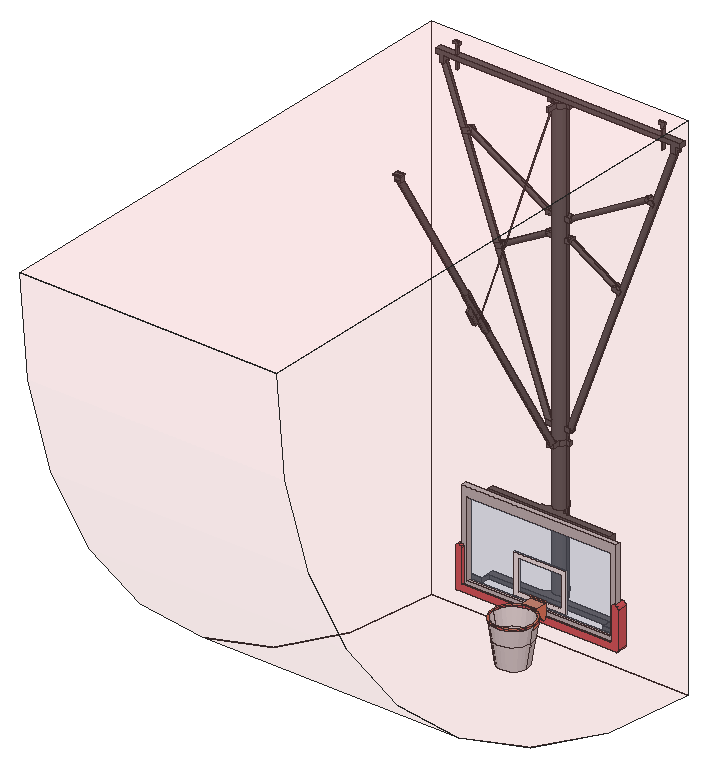
Revit family "Basketball_Backstop-Ceiling_Mount-Forward_Fold-IPIbyBison-IP1360FF-Xtra_Height", category Specialty Equipment, Revit 2026
Family settings
  Round Connector Dimension = Use Diameter
  Part Type = Normal
  Classification Number = 23.40.50.34.14
  Enable Cutting in Views = No
  Always vertical = Yes
  Cut with Voids When Loaded = No
  Maintain Annotation Orientation = No
  Shared = No
  Room Calculation Point = No
Parameters (values of type "Front Fold Front Braced")
  Unit Weight [instance] = 0
  URL = "https://ipibybison.com/"
  Swing Clearance Visible [instance] = yes
  Specification = "https://www.arcat.com/company/ipi-by-bison-38554/spec"
  Set Frame Below Truss Level [instance] = -0' - 1"
  Rim Color [instance] = Plastic - IPI by Bison - Orange OR
  Product Page URL = "https://www.arcat.com/arcatcos/cos38/arc38554.html"
  Net Color [instance] = Finish - IPI by Bison - White Netting
  Model = "IP1360FF"
  Manufacturer = "IPI by Bison"
  Keynote = "11 66 00"
  Glass [instance] = Glass - IPI by Bison
  Frame Finish [instance] = Finish - IPI by Bison - Black
  Folding Clearance [instance] = ARCAT Clearance
  F_Length of Piping Below Brace Point [instance] = 5' - 6"
  FF to Top of Hoop [instance] = 10' - 0"
  Description = "Back Folding Basketball Frame and Backboard, Ceiling Mount"
  Default Elevation = 0' - 0"
  Copyright = "© 2023 ARCAT"  # constant formula
  CAD Details = "https://www.arcat.com/company/ipi-by-bison-38554/cad"
  Backboard Type = Backboard_BA42XLGlass : Backboard_BA42XLGlass
  Backboard Square Color [instance] = Finish - IPI by Bison - White
  Backboard Padding Color [instance] = Plastic - IPI by Bison - Scarlet SC
  Backboard Frame Color [instance] = Finish - IPI by Bison - Satin Aluminum
  Backboard Distance from Wall [instance] = 7' - 0"
  B_Distance Between Y Frame Supports [instance] = 8' - 0"  # constant formula
  Available Options = "as Specified"
  A_Distance to Brace [instance] = 7' - 10"
Reference planes (in)
  plane 1 "Center (Front/Back)": y = 0
  plane 2: z = 0
  plane 3 "Center (Left/Right)": x = 0
  plane 4: y = -84
  plane 5: x = -48
  plane 6: x = 48
  plane 7: z = 120
Forms (in)
  Revolve 1, solid, material "ARCAT Clearance" <- "Folding Clearance", visible <- "Swing Clearance Visible"
    sketch origin (-24.35865, -84, 48) x (-1, 0, 0) y (0, 0, 1)
      loop
        line (35.64135, 288) -> (-84.35865, 288) -> (-84.35865, 48) -> (35.64135, 48) -> (35.64135, 288)
      axis (35.64135, 288) -> (-84.35865, 288)
    angle from 0 to 90
Dimensions and locks (in)
  "Backboard Distance from Wall": plane 4 to plane 1 "Center (Front/Back)"
  "FF to Top of Hoop": plane 7 to level
  equal spacing: plane 5, plane 3 "Center (Left/Right)", plane 6
  "B_Distance Between Y Frame Supports": plane 5 to plane 6
  locked: Revolve 1 sketch curve to plane 5 at 12
  locked: plane 6 to Revolve 1 sketch curve at 12
  locked: plane 7 to Revolve 1 sketch curve at 24
  aligned and locked: level to plane 2
  aligned and locked: nested 2 to plane 4
  aligned and locked: plane 4 to nested 1
  aligned and locked: Revolve 1 sketch curve to level
  aligned and locked: level to Revolve 1 sketch curve
Automatic sketch dimensions
  plane 6 to Revolve 1 sketch curve = 0' - 9.47738"
  plane 5 to Revolve 1 sketch curve = 0' - 4.47738"
Nested families (in)
  nested 1: "Backboard_BA42XLGlass" at (0, -84, 120) x (-1, 0, 0) z (0, 0, 1), built-in parameter 1001364 <- "FF to Top of Hoop", backboard color <- "Backboard Frame Color", backboard square color <- "Backboard Square Color", frame finish <- "Frame Finish", glass <- "Glass", rim finish <- "Rim Color", net color <- "Net Color", padding color <- "Backboard Padding Color", height offset <- "FF to Top of Hoop", type "Backboard_BA42XLGlass"
    with rim finish Plastic - IPI by Bison - Orange OR, padding color Plastic - IPI by Bison - Scarlet SC, net color Finish - IPI by Bison - White Netting, height offset 10' - 0", glass Glass - IPI by Bison, frame finish Finish - IPI by Bison - Black, backboard square color Finish - IPI by Bison - White, backboard color Finish - IPI by Bison - Satin Aluminum
  nested 2: "Frame_FFFB28" at (0, -84, 335), built-in parameter 1001364 <- "Set Frame Below Truss Level", a <- "A_Distance to Brace", f <- "F_Length of Piping Below Brace Point", frame <- "Frame Finish", type "Frame_FFFB28"
    with frame Finish - IPI by Bison - Black, f 5' - 6", b 8' - 0", a 7' - 10", Hinge Location 7' - 3.40588"
Definition of nested family "Backboard_BA42XLGlass"
  Parameters (values of type "Backboard_BA42XLGlass")
    padding color [instance] = none
    net color [instance] = none
    rim finish [instance] = none
    height offset [instance] = 9' - 6"
    glass [instance] = none
    frame finish [instance] = none
    backboard square color [instance] = none
    backboard color [instance] = none
    Default Elevation = 4' - 0"
  Reference planes (in)
    plane 1 "Center (Front/Back)": y = 0
    plane 2: z = 0
    plane 3 "Center (Left/Right)": x = 0
    plane 4: z = -114
  Forms (in)
    Extrusion 1, solid, material <- "backboard color"
      sketch origin (-8.43545, 11.2937, 28.94441) x (1, 0, 0) y (0, 0, 1)
        loop
          line (-27.56455, 6.99989) -> (-27.56455, -35.00011) -> (44.43545, -35.00011) -> (44.43545, 6.99989) -> (-27.56455, 6.99989)
        loop
          line (41.81045, 2.74989) -> (-24.93955, 2.74989) -> (-24.93955, -32.37511) -> (41.81045, -32.37511) -> (41.81045, 2.74989)
      from 1.125 to -1.125
    Extrusion 2, solid, material <- "padding color"
      sketch origin (-8.43545, 11.2937, 29.06941) x (1, 0, 0) y (0, 0, 1)
        loop
          line (-27.55038, -17.62511) -> (-27.80038, -17.62511)
          arc (-27.80038, -17.62511) -> (-29.03781, -18.13767) -> (-29.55038, -19.37511) r 1.75
          line (-29.55038, -19.37511) -> (-29.55038, -36.12511)
          arc (-29.55038, -36.12511) -> (-29.25748, -36.83222) -> (-28.55038, -37.12511) r 1
          line (-28.55038, -37.12511) -> (45.44962, -37.12511)
          arc (45.44962, -37.12511) -> (46.15673, -36.83222) -> (46.44962, -36.12511) r 1
          line (46.44962, -36.12511) -> (46.44962, -19.37511)
          arc (46.44962, -19.37511) -> (45.93706, -18.13767) -> (44.69962, -17.62511) r 1.75
          line (44.69962, -17.62511) -> (44.42127, -17.62511)
          arc (44.42127, -17.62511) -> (43.71416, -17.918) -> (43.42127, -18.62511) r 1
          line (43.42127, -18.62511) -> (43.42127, -33.98376) -> (-26.55038, -33.98376) -> (-26.55038, -18.62511)
          arc (-26.55038, -18.62511) -> (-26.84327, -17.918) -> (-27.55038, -17.62511) r 1
      from -2.18697 to 2.14819
    Revolve 3, solid, material <- "net color"
      sketch origin (-8.43545, 27.4812, 28.93687) x (1, 0, 0) y (0, 0, 1)
        loop
          circle (-0.85808, -29.24642) r 0.3125
        loop
          line (-1.03195, -29.9762) -> (0.27041, -37.36226) -> (1.80132, -48.25521) -> (2.05377, -48.25521) -> (0.51737, -37.32314) -> (-0.77809, -29.9762) -> (-1.03195, -29.9762)
        axis (8.43545, -48.25521) -> (8.43545, -29.24642)
      angle from 0 to 360
    Revolve 4, solid, material <- "rim finish"
      sketch origin (0.02792, 11.2937, 0) x (0, 1, 0) y (0, 0, 1)
        loop
          line (6.79001, -0.625) -> (6.54001, -0.625) -> (6.54001, -2.125) -> (6.79001, -2.125) -> (6.79001, -0.625)
        axis (16.04001, -2.125) -> (16.04001, -0.625)
      angle from -90 to 90
    Extrusion 5, solid, material <- "rim finish"
      sketch origin (0, 0, 0) x (0, 1, 0) y (0, 0, 1)
        loop
          line (17.69724, 0) -> (12.8212, 0) -> (13.12361, 1.21287) -> (12.79369, 1.29513) -> (12.47078, 0) -> (12.47078, -6.5) -> (13.63137, -6.5) -> (17.69724, -2.43414) -> (17.69724, 0)
      from -3.50075 to 3.49925
    Extrusion 6, solid, material <- "backboard square color"
      sketch origin (0.02792, 11.2937, 0) x (1, 0, 0) y (0, 0, 1)
        loop
          line (-12.02792, 16.0023) -> (-12.02792, -1.9977) -> (11.97208, -1.9977) -> (11.97208, 16.0023) -> (-12.02792, 16.0023)
        loop
          line (-10.02792, 14.0023) -> (-10.02792, 0) -> (9.97208, 0) -> (9.97208, 14.0023) -> (-10.02792, 14.0023)
      from -0.44333 to 0.05679
    Extrusion 7, solid, material <- "glass"
      sketch origin (0.02792, 11.2937, 0) x (1, 0, 0) y (0, 0, 1)
        loop
          line (-33.40292, 31.6943) -> (-33.40292, -3.4307) -> (33.34708, -3.4307) -> (33.34708, 31.6943) -> (-33.40292, 31.6943)
      from -0.405 to 0
    Extrusion 8, solid, material <- "frame finish"
      sketch origin (0, 11.2937, 0) x (1, 0, 0) y (0, 1, 0)
        loop
          line (-28.5, -7.7495) -> (-6, -7.7495) -> (-6, -8.1245) -> (-4.12188, -8.1245) -> (-3.02199, -10.02957)
          arc (-3.02199, -10.02957) -> (-2.89931, -12.81607) -> (-0.66175, -14.4813) r 3.25
          line (-0.66175, -14.4813) -> (-0.66175, -16.28845) -> (0.60591, -16.28845) -> (0.60591, -14.4813)
          arc (0.60591, -14.4813) -> (2.82905, -12.84298) -> (2.98938, -10.08605) r 3.25
          line (2.98938, -10.08605) -> (4.12188, -8.1245) -> (6, -8.1245) -> (6, -7.7495) -> (28.5, -7.7495) -> (28.5, -1.4995) -> (33, -1.4995) -> (33, -1.125) -> (28.25, -1.125) -> (28.25, -4.7495) -> (-28.25, -4.7495) -> (-28.25, -1.125) -> (-33, -1.125) -> (-33, -1.4995) -> (-28.5, -1.4995) -> (-28.5, -7.7495)
      from -3.4307 to -1.5237
    Extrusion 9, solid, material <- "frame finish"
      sketch origin (0, 11.2937, 0) x (1, 0, 0) y (0, 1, 0)
        loop
          line (-28.5, -7.7495) -> (-6, -7.7495) -> (-6, -8.1245) -> (-4.12188, -8.1245) -> (-3.02199, -10.02957)
          arc (-3.02199, -10.02957) -> (-2.89931, -12.81607) -> (-0.66175, -14.4813) r 3.25
          line (-0.66175, -14.4813) -> (-0.66175, -16.28845) -> (0.60591, -16.28845) -> (0.60591, -14.4813)
          arc (0.60591, -14.4813) -> (2.82905, -12.84298) -> (2.98938, -10.08605) r 3.25
          line (2.98938, -10.08605) -> (4.12188, -8.1245) -> (6, -8.1245) -> (6, -7.7495) -> (28.5, -7.7495) -> (28.5, -1.4995) -> (33, -1.4995) -> (33, -1.125) -> (28.25, -1.125) -> (28.25, -4.7495) -> (-28.25, -4.7495) -> (-28.25, -1.125) -> (-33, -1.125) -> (-33, -1.4995) -> (-28.5, -1.4995) -> (-28.5, -7.7495)
      from 31.75979 to 34.1423
  Lines and regions (in)
    model lines
      curve 1: line (-0.00075, 0, 0) -> (-0.00075, 0, -114)
  Dimensions and locks (in)
    "height offset": level to plane 4
    aligned and locked: plane 2 to level
    aligned and locked: plane 4 to curve 1
  Automatic sketch dimensions
    curve 1 to level = 0' - 0"
    curve 1 to plane 3 "Center (Left/Right)" = 0' - 0.00075"
    Extrusion 1 sketch curve to plane 3 "Center (Left/Right)" = 3' - 0"
    Extrusion 1 sketch curve to Extrusion 1 sketch curve = 0' - 2 5/8"  (x2)
    plane 3 "Center (Left/Right)" to Extrusion 1 sketch curve = 2' - 9 3/8"
    Extrusion 1 sketch curve to level = 0' - 6.0557"
    Extrusion 1 sketch curve to level = 0' - 3.4307"
    level to Extrusion 1 sketch curve = 2' - 7.6943"
    Extrusion 1 sketch curve to Extrusion 1 sketch curve = 0' - 4 1/4"
    level to Extrusion 2 sketch curve = 0' - 9.6943"
    Extrusion 2 sketch curve to plane 3 "Center (Left/Right)" = 3' - 1.98582"
    Extrusion 2 sketch curve to Extrusion 2 sketch curve = 0' - 1"  (x4)
    Extrusion 2 sketch curve to Extrusion 2 sketch curve = 0' - 1 3/4"
    Extrusion 2 sketch curve to Extrusion 2 sketch curve = 0' - 0 1/4"
    level to Extrusion 2 sketch curve = 0' - 10.4443"
    plane 3 "Center (Left/Right)" to Extrusion 2 sketch curve = 2' - 10.98582"
    Extrusion 2 sketch curve to Extrusion 2 sketch curve = 0' - 0.27835"
    Extrusion 2 sketch curve to Extrusion 2 sketch curve = 0' - 2.02835"
    Extrusion 2 sketch curve to level = 0' - 4.91435"
    Extrusion 2 sketch curve to Extrusion 2 sketch curve = 0' - 2.14135"
    Revolve 3 sketch curve to plane 3 "Center (Left/Right)" = 0' - 0"
    Revolve 3 sketch curve to plane 3 "Center (Left/Right)" = 0' - 6.38167"
    Revolve 3 sketch curve to Revolve 3 sketch curve = 0' - 0.25246"
    Revolve 3 sketch curve to plane 3 "Center (Left/Right)" = 0' - 7.91808"
    Revolve 3 sketch curve to Revolve 3 sketch curve = 0' - 0.24696"
    Revolve 3 sketch curve to level = 0' - 1.03933"
    Revolve 3 sketch curve to Revolve 3 sketch curve = 0' - 1.0485"
    Revolve 3 sketch curve to level = 0' - 0.30954"
    Revolve 3 sketch curve to Revolve 3 sketch curve = 0' - 0.07999"
    Revolve 3 sketch curve to Revolve 3 sketch curve = 0' - 0.25386"
    Revolve 3 sketch curve to Revolve 3 sketch curve = 0' - 7.34694"
    Revolve 3 sketch curve to Revolve 3 sketch curve = 0' - 0.03911"
    Revolve 3 sketch curve to Revolve 3 sketch curve = 0' - 10.89295"
    Revolve 3 sketch curve to level = 0' - 0.00754"
    level to Revolve 3 sketch curve = 0' - 2.99246"
    Revolve 4 sketch curve to level = 0' - 2 1/8"
    Revolve 4 sketch curve to plane 1 "Center (Front/Back)" = 1' - 5.83371"
    Revolve 4 sketch curve to Revolve 4 sketch curve = 0' - 0 1/4"
    Revolve 4 sketch curve to level = 0' - 0 5/8"  (x2)
    Revolve 4 sketch curve to Revolve 4 sketch curve = 0' - 9 1/4"
    level to Revolve 4 sketch curve = 0' - 3 1/8"
    Extrusion 5 sketch curve to level = 0' - 0"  (x2)
    Extrusion 5 sketch curve to plane 1 "Center (Front/Back)" = 1' - 0.47078"
    level to Extrusion 5 sketch curve = 0' - 1.29513"
    Extrusion 5 sketch curve to Extrusion 5 sketch curve = 0' - 0.32291"
    Extrusion 5 sketch curve to Extrusion 5 sketch curve = 0' - 0.35043"
    Extrusion 5 sketch curve to Extrusion 5 sketch curve = 0' - 1.16059"
    Extrusion 5 sketch curve to Extrusion 5 sketch curve = 0' - 4.57363"
    Extrusion 5 sketch curve to Extrusion 5 sketch curve = 0' - 2.43414"
    Extrusion 5 sketch curve to Extrusion 5 sketch curve = 0' - 6 1/2"
    Extrusion 6 sketch curve to level = 0' - 0"
    Extrusion 6 sketch curve to level = 0' - 1.9977"
    Extrusion 6 sketch curve to plane 3 "Center (Left/Right)" = 1' - 0"
    Extrusion 6 sketch curve to Extrusion 6 sketch curve = 0' - 2"  (x3)
    plane 3 "Center (Left/Right)" to Extrusion 6 sketch curve = 0' - 10"
    Extrusion 6 sketch curve to Extrusion 6 sketch curve = 1' - 2.0023"
    Extrusion 7 sketch curve to plane 3 "Center (Left/Right)" = 2' - 9 3/8"
    Extrusion 7 sketch curve to level = 0' - 3.4307"
    plane 3 "Center (Left/Right)" to Extrusion 7 sketch curve = 2' - 9 3/8"
    level to Extrusion 7 sketch curve = 2' - 7.6943"
    Extrusion 8 sketch curve to Extrusion 8 sketch curve = 0' - 0"  (x3)
    plane 1 "Center (Front/Back)" to Extrusion 8 sketch curve = 0' - 0"
    Extrusion 8 sketch curve to plane 1 "Center (Front/Back)" = 0' - 9.7942"
    Extrusion 8 sketch curve to plane 3 "Center (Left/Right)" = 2' - 9"
    Extrusion 8 sketch curve to plane 1 "Center (Front/Back)" = 0' - 3.5442"
    Extrusion 8 sketch curve to Extrusion 8 sketch curve = 0' - 4 1/2"  (x2)
    Extrusion 8 sketch curve to Extrusion 8 sketch curve = 0' - 0 1/4"  (x2)
    Extrusion 8 sketch curve to plane 3 "Center (Left/Right)" = 0' - 6"
    Extrusion 8 sketch curve to Extrusion 8 sketch curve = 0' - 1.87812"  (x2)
    Extrusion 8 sketch curve to Extrusion 8 sketch curve = 0' - 1.09989"
    Extrusion 8 sketch curve to plane 3 "Center (Left/Right)" = 0' - 0.66175"
    Extrusion 8 sketch curve to plane 3 "Center (Left/Right)" = 0' - 0.02792"
    plane 3 "Center (Left/Right)" to Extrusion 8 sketch curve = 0' - 0.60591"
    Extrusion 8 sketch curve to plane 1 "Center (Front/Back)" = 0' - 1.20765"
    plane 3 "Center (Left/Right)" to Extrusion 8 sketch curve = 0' - 2.98938"
    Extrusion 8 sketch curve to Extrusion 8 sketch curve = 0' - 1.1325"
    Extrusion 8 sketch curve to plane 1 "Center (Front/Back)" = 0' - 10.1687"
    Extrusion 8 sketch curve to Extrusion 8 sketch curve = 1' - 10 1/4"
    Extrusion 8 sketch curve to Extrusion 8 sketch curve = 0' - 1.80715"
    Extrusion 8 sketch curve to Extrusion 8 sketch curve = 0' - 0 3/8"  (x2)
    Extrusion 8 sketch curve to plane 1 "Center (Front/Back)" = 0' - 3.1692"
    Extrusion 8 sketch curve to Extrusion 8 sketch curve = 0' - 3"
    Extrusion 8 sketch curve to Extrusion 8 sketch curve = 0' - 0.3745"  (x2)
    Extrusion 9 sketch curve to Extrusion 9 sketch curve = 0' - 0"  (x3)
    plane 1 "Center (Front/Back)" to Extrusion 9 sketch curve = 0' - 0"
    Extrusion 9 sketch curve to plane 1 "Center (Front/Back)" = 0' - 9.7942"
    Extrusion 9 sketch curve to plane 3 "Center (Left/Right)" = 2' - 9"
    Extrusion 9 sketch curve to plane 1 "Center (Front/Back)" = 0' - 3.5442"  (x2)
    Extrusion 9 sketch curve to Extrusion 9 sketch curve = 0' - 4 1/2"  (x2)
    Extrusion 9 sketch curve to Extrusion 9 sketch curve = 0' - 0 1/4"  (x2)
    Extrusion 9 sketch curve to plane 3 "Center (Left/Right)" = 0' - 6"
    Extrusion 9 sketch curve to Extrusion 9 sketch curve = 0' - 1.87812"  (x2)
    Extrusion 9 sketch curve to Extrusion 9 sketch curve = 0' - 1.09989"
    Extrusion 9 sketch curve to plane 3 "Center (Left/Right)" = 0' - 0.66175"
    Extrusion 9 sketch curve to plane 3 "Center (Left/Right)" = 0' - 0.02792"
    plane 3 "Center (Left/Right)" to Extrusion 9 sketch curve = 0' - 0.60591"
    Extrusion 9 sketch curve to plane 1 "Center (Front/Back)" = 0' - 1.20765"
    plane 3 "Center (Left/Right)" to Extrusion 9 sketch curve = 0' - 2.98938"
    Extrusion 9 sketch curve to Extrusion 9 sketch curve = 0' - 1.1325"
    Extrusion 9 sketch curve to plane 1 "Center (Front/Back)" = 0' - 10.1687"
    Extrusion 9 sketch curve to Extrusion 9 sketch curve = 1' - 10 1/4"
    Extrusion 9 sketch curve to Extrusion 9 sketch curve = 0' - 1.80715"
    Extrusion 9 sketch curve to Extrusion 9 sketch curve = 0' - 0 3/8"
    Extrusion 9 sketch curve to plane 1 "Center (Front/Back)" = 0' - 3.1692"
    Extrusion 9 sketch curve to Extrusion 9 sketch curve = 0' - 3"
    Extrusion 9 sketch curve to Extrusion 9 sketch curve = 0' - 0.3745"  (x2)
    radius of Revolve 3 sketch curve = 0' - 0 5/16"
Definition of nested family "Frame_FFFB28"
  Parameters (values of type "Frame_FFFB28")
    frame [instance] = none
    f [instance] = 5' - 6"
    b [instance] = 8' - 0"  # constant formula
    a [instance] = 7' - 10"
    Hinge Location [instance] = (sqrt((a - 0' 4 19/32") ^ 2 + (12' 6 7/32") ^ 2)) / 2  # 7' - 3.40588"
    Default Elevation = 4' - 0"
  Reference planes (in)
    plane 1 "Center (Front/Back)": y = 0
    plane 2: z = 0
    plane 3 "Center (Left/Right)": x = 0
    plane 4: z = -4.125
    plane 5: x = -48
    plane 6: x = 48
    plane 7: y = -94
    plane 8: z = -218.99815
    plane 9: z = -147.99815
    plane 10: z = -152.99815
    plane 11: y = -4.58264
    plane 12: z = -2.78493
    plane 13: z = -12.11846
  Forms (in)
    Extrusion 1, solid, material <- "frame"
      sketch origin (0, -11.3035, -153.07474) x (-1, 0, 0) y (0, -1, 0)
        loop
          circle (0, -11.3035) r 3
      from -65.92342 to 142.141
    Sweep 2, solid, material <- "frame"
      path origin (0, -11.3035, -153.07474) x (0, -1, 0) y (0, 0, 1)
        loop
          line (-6.72086, 0.07658) -> (82.6965, 150.2898)
      profile origin (0, -49.29132, -77.89154) x (0, 0.859281, 0.511504) y (-1, 0, 0)
        loop
          circle (0, 0) r 1.1875
    Extrusion 3, solid, material <- "frame"
      sketch origin (0, -7.24868, -152.99815) x (0, -1, 0) y (1, 0, 0)
        loop
          arc (-7.85459, 3.12672) -> (-10.42565, 0) -> (-7.85459, -3.12672) r 3.18676
          line (-7.85459, -3.12672) -> (-7.85459, -5.03472) -> (-6.62159, -5.03472) -> (-6.62159, -3.12716)
          arc (-6.62159, -3.12716) -> (-5.42523, -2.62123) -> (-4.53006, -1.68) r 3.1875
          line (-4.53006, -1.68) -> (-1.38829, -1.68) -> (-1.38829, 1.68) -> (-4.53006, 1.68)
          arc (-4.53006, 1.68) -> (-5.42523, 2.62123) -> (-6.62159, 3.12716) r 3.1875
          line (-6.62159, 3.12716) -> (-6.62159, 5.03472) -> (-7.85459, 5.03472) -> (-7.85459, 3.12672)
      from 1 to -1
    Extrusion 4, solid, material <- "frame"
      sketch origin (0, -11.3035, 0.00021) x (-1, 0, 0) y (0, -1, 0)
        loop
          arc (-3.12672, -11.90941) -> (0, -14.48047) -> (3.12672, -11.90941) r 3.18676
          line (3.12672, -11.90941) -> (5.03472, -11.90941) -> (5.03472, -10.67641) -> (3.12716, -10.67641)
          arc (3.12716, -10.67641) -> (2.22195, -9.00829) -> (0.529, -8.15041) r 3.1875
          line (0.529, -8.15041) -> (0.529, -4.10397) -> (-0.529, -4.10397) -> (-0.529, -8.15041)
          arc (-0.529, -8.15041) -> (-2.22195, -9.00829) -> (-3.12716, -10.67641) r 3.1875
          line (-3.12716, -10.67641) -> (-5.03472, -10.67641) -> (-5.03472, -11.90941) -> (-3.12672, -11.90941)
      from -13.11368 to -11.12364
    Extrusion 5, solid, material <- "frame"
      sketch origin (0, -11.3035, 0.00021) x (-1, 0, 0) y (0, 0, 1)
        loop
          line (-48.5, -3.50564) -> (-48.5, -3.61459) -> (-49.16126, -3.61459) -> (-49.16126, -4.63582) -> (-48.5, -4.63582) -> (-48.5, -6.00564) -> (-48.40732, -6.00564) -> (-48.40732, -15.00564) -> (-47.59268, -15.00564) -> (-47.59268, -6.00564) -> (-47.5, -6.00564) -> (-47.5, -4.63582) -> (-46.36, -4.63582) -> (-46.36, -3.61459) -> (-47.5, -3.61459) -> (-47.5, -3.50564) -> (-48.5, -3.50564)
        loop
          line (48.5, -3.50564) -> (47.5, -3.50564) -> (47.5, -3.61459) -> (46.83874, -3.61459) -> (46.83874, -4.63582) -> (47.5, -4.63582) -> (47.5, -6.00564) -> (47.59268, -6.00564) -> (47.59268, -15.00564) -> (48.40732, -15.00564) -> (48.40732, -6.00564) -> (48.5, -6.00564) -> (48.5, -4.63582) -> (49.64, -4.63582) -> (49.64, -3.61459) -> (48.5, -3.61459) -> (48.5, -3.50564)
      from 10.871 to 11.73041
    Extrusion 6, solid, material <- "frame"
      sketch origin (0, -94, -0.87353) x (0, 0, -1) y (1, 0, 0)
        loop
          line (-0.00254, 1.5625) -> (-0.00254, -1.5625) -> (2.99746, -1.5625) -> (2.99746, 1.5625) -> (-0.00254, 1.5625)
      from -0.625 to 0.625
    Extrusion 7, solid, material <- "frame"
      sketch origin (0, 0, 0.00021) x (0, -1, 0) y (0, 0, 1)
        loop
          line (92.5, -0.87374) -> (92.5, -1.12374) -> (95.5, -1.12374) -> (95.5, -0.87374) -> (92.5, -0.87374)
      from -1.5625 to 1.5625
    Extrusion 8, solid, material <- "frame"
      sketch origin (0, -0.03, 0) x (1, 0, 0) y (0, 0, 1)
        loop
          line (-57, -8.85715) -> (-57, -10.85715) -> (-55, -10.85715) -> (-55, -14.10715) -> (-53, -14.10715) -> (-53, -10.85715) -> (53, -10.85715) -> (53, -14.10715) -> (55, -14.10715) -> (55, -10.85715) -> (57, -10.85715) -> (57, -8.85715) -> (-57, -8.85715)
      from -1.53 to 1.47
    Sweep 9, solid, material <- "frame"
      path origin (0, -0.03, 0) x (-1, 0, 0) y (0, 0, 1)
        loop
          line (-54.25831, -12.58204) -> (-4.68934, -147.70227)
      profile origin (29.47382, -0.03, -80.14215) x (0.93882, 0, -0.344407) y (0, -1, 0)
        loop
          circle (0, 0) r 1.2175
    Extrusion 10, solid, material <- "frame"
      sketch origin (0, -0.03, 0) x (1, 0, 0) y (0, 0, 1)
        loop
          line (-44.88847, -38.1233) -> (-44.19966, -40.00094) -> (-40.5513, -38.66254) -> (-41.24011, -36.7849) -> (-44.88847, -38.1233)
        loop
          line (-29.35533, -80.46516) -> (-28.66652, -82.3428) -> (-25.14594, -81.05127) -> (-25.83475, -79.17363) -> (-29.35533, -80.46516)
        loop
          line (-2.78107, -58.17015) -> (-5.78107, -58.17015) -> (-5.78107, -60.17015) -> (-2.78107, -60.17015) -> (-2.78107, -58.17015)
        loop
          line (-2.78107, -67.17015) -> (-5.78107, -67.17015) -> (-5.78107, -69.17015) -> (-2.78107, -69.17015) -> (-2.78107, -67.17015)
        loop
          line (44.88847, -38.1233) -> (41.24011, -36.7849) -> (40.5513, -38.66254) -> (44.19966, -40.00094) -> (44.88847, -38.1233)
        loop
          line (29.35533, -80.46516) -> (25.83475, -79.17363) -> (25.14594, -81.05127) -> (28.66652, -82.3428) -> (29.35533, -80.46516)
        loop
          line (2.78107, -58.17015) -> (2.78107, -60.17015) -> (5.78107, -60.17015) -> (5.78107, -58.17015) -> (2.78107, -58.17015)
        loop
          line (2.78107, -67.17015) -> (2.78107, -69.17015) -> (5.78107, -69.17015) -> (5.78107, -67.17015) -> (2.78107, -67.17015)
        loop
          line (-2.69765, -147.99815) -> (-2.69765, -145.99815) -> (-5.69765, -145.99815) -> (-5.69765, -147.99815) -> (-2.69765, -147.99815)
        loop
          line (2.69765, -147.99815) -> (5.69765, -147.99815) -> (5.69765, -145.99815) -> (2.69765, -145.99815) -> (2.69765, -147.99815)
      from -1.42904 to 1.345
    Sweep 11, solid, material <- "frame"
      path origin (0, -0.03, 0) x (1, 0, 0) y (0, 0, 1)
        loop
          line (-42.36358, -37.61622) -> (-4.38156, -59.54515)
      profile origin (-23.37257, -0.03, -48.58069) x (0.5, 0, 0.866025) y (0, -1, 0)
        loop
          circle (0, 0) r 1
    Sweep 12, solid, material <- "frame"
      path origin (0, -0.03, 0) x (-1, 0, 0) y (0, 0, 1)
        loop
          line (-42.36358, -37.61622) -> (-4.38156, -59.54515)
      profile origin (23.37257, -0.03, -48.58069) x (0.5, 0, -0.866025) y (0, -1, 0)
        loop
          circle (0, 0) r 1
    Sweep 13, solid, material <- "frame"
      path origin (0, -0.03, 0) x (1, 0, 0) y (0, 0, 1)
        loop
          line (-26.81592, -80.74764) -> (-4.38156, -67.79515)
      profile origin (-15.59874, -0.03, -74.2714) x (-0.5, 0, 0.866025) y (0, -1, 0)
        loop
          circle (0, 0) r 1
    Sweep 14, solid, material <- "frame"
      path origin (0, -0.03, 0) x (-1, 0, 0) y (0, 0, 1)
        loop
          line (-26.81592, -80.74764) -> (-4.38156, -67.79515)
      profile origin (15.59874, -0.03, -74.2714) x (-0.5, 0, -0.866025) y (0, -1, 0)
        loop
          circle (0, 0) r 1
    Sweep 15, solid, material <- "frame"
      path origin (0, -0.03, 0) x (1, 0, 0) y (0, 0, 1)
        loop
          line (-54.25831, -12.58204) -> (-4.68934, -147.70227)
      profile origin (-29.47382, -0.03, -80.14215) x (0.93882, 0, 0.344407) y (0, -1, 0)
        loop
          circle (0, 0) r 1.2175
    Sweep 16, solid, material <- "frame"
      path in 3D
        loop
          line (0, -46.73404, -82.18755) -> (0, -4.58264, -12.11846)
      profile origin (0, -25.65834, -47.153) x (0, -0.856899, 0.515484) y (1, 0, 0)
        loop
          circle (0, 0) r 0.0625
  Lines and regions (in)
    reference lines
      curve 1: line (0, -4.58264, -152.99815) -> (0, -94, -2.78493)
      curve 2: line (0, -49.29156, -77.89114) -> (0, -46.71372, -76.35663)
      curve 3: line (0, -46.73404, -82.18755) -> (0, -44.1562, -80.65304)
      curve 4: line (0, -46.73404, -82.18755) -> (0, -4.58264, -12.11846)
    sketch lines
      curve 5: line (0, -46.73404, -82.18755) -> (0, -4.58264, -12.11846)
  Dimensions and locks (in)
    Extrusion 5 sketch curve to Extrusion 5 sketch curve to Extrusion 5 sketch curve to Extrusion 5 sketch curve = 0' - 0.09268" locked, 0' - 0.81463", 0' - 0.09268" locked  (x2)
    locked: Extrusion 7 sketch curve to Extrusion 7 sketch curve at 3
    equal spacing: plane 5, plane 3 "Center (Left/Right)", plane 6
    "b": plane 5 to plane 6
    "a": plane 7 to plane 1 "Center (Front/Back)"
    locked: level to Sweep 2 sketch curve at 152.99815
    locked: Sweep 2 sketch curve to plane 1 "Center (Front/Back)" at 4.58264
    locked: Extrusion 7 sketch curve to plane 7 at 1.5
    locked: level to plane 4 at 4.125
    locked: plane 4 to plane 9 at 143.87315
    locked: plane 9 to plane 10 at 5
    "f": plane 10 to plane 8
    Extrusion 10 sketch curve to plane 9 to Extrusion 10 sketch curve = 0' - 2" locked, 0' - 0" locked  (x2)
    locked: Sweep 9 sketch curve to plane 9 at 0.29588
    locked: Sweep 9 sketch curve to plane 3 "Center (Left/Right)" at 4.68934
    locked: plane 4 to Sweep 9 sketch curve at 8.45704
    locked: plane 6 to Sweep 9 sketch curve at 6.25831
    locked: plane 4 to Sweep 13 sketch curve at 76.62264
    locked: plane 5 to Sweep 13 sketch curve at 21.18408
    locked: plane 4 to Sweep 15 sketch curve at 143.57727
    locked: plane 3 "Center (Left/Right)" to Sweep 15 sketch curve at 4.68934
    locked: plane 4 to Sweep 15 sketch curve at 8.45704
    locked: Sweep 15 sketch curve to plane 5 at 6.25831
    locked: plane 2 to plane 12 at 2.78493
    "Hinge Location": curve 2 to curve 1
    locked: plane 4 to plane 13 at 7.99346
    locked: curve 3 to curve 2 at 5
    locked: curve 1 to curve 2 (angle 90.00°)
    locked: curve 1 to curve 3 (angle 90.00°)
    aligned and locked: plane 2 to level
    aligned and locked: plane 8 to Extrusion 1
    aligned and locked: plane 12 to Sweep 2 sketch curve
    aligned and locked: plane 7 to Sweep 2 sketch curve
    aligned and locked: plane 7 to curve 1
    aligned and locked: plane 12 to curve 1
    aligned and locked: plane 11 to curve 1
    aligned and locked: plane 10 to curve 1
    aligned and locked: plane 11 to curve 4
    aligned and locked: plane 13 to curve 4
  Automatic sketch dimensions
    plane 1 "Center (Front/Back)" to Extrusion 1 sketch curve = 0' - 0"
    Extrusion 1 sketch curve to plane 3 "Center (Left/Right)" = 0' - 0"
    profile plane to Sweep 2 sketch curve = 0' - 0"
    Sweep 2 sketch curve to profile plane = 0' - 0"
    Extrusion 3 sketch curve to Extrusion 3 sketch curve = 0' - 0"  (x7)
    Extrusion 3 sketch curve to plane 3 "Center (Left/Right)" = 0' - 0"
    Extrusion 3 sketch curve to plane 1 "Center (Front/Back)" = 0' - 0.60591"  (x2)
    plane 1 "Center (Front/Back)" to Extrusion 3 sketch curve = 0' - 0.0098"
    plane 1 "Center (Front/Back)" to Extrusion 3 sketch curve = 0' - 0.62709"  (x2)
    Extrusion 3 sketch curve to Extrusion 3 sketch curve = 0' - 2.09154"  (x2)
    plane 3 "Center (Left/Right)" to Extrusion 3 sketch curve = 0' - 1.68"
    Extrusion 3 sketch curve to Extrusion 3 sketch curve = 0' - 3.14176"
    Extrusion 3 sketch curve to plane 3 "Center (Left/Right)" = 0' - 1.68"
    Extrusion 3 sketch curve to Extrusion 3 sketch curve = 0' - 0.00044"
    Extrusion 3 sketch curve to Extrusion 3 sketch curve = 0' - 1.90801"
    Extrusion 3 sketch curve to Extrusion 3 sketch curve = 0' - 1.90757"
    Extrusion 4 sketch curve to Extrusion 4 sketch curve = 0' - 0"  (x8)
    Extrusion 4 sketch curve to plane 3 "Center (Left/Right)" = 0' - 0"
    plane 3 "Center (Left/Right)" to Extrusion 4 sketch curve = 0' - 0.529"
    Extrusion 4 sketch curve to plane 1 "Center (Front/Back)" = 0' - 0.60591"  (x2)
    plane 3 "Center (Left/Right)" to Extrusion 4 sketch curve = 0' - 3.12672"
    Extrusion 4 sketch curve to Extrusion 4 sketch curve = 0' - 1.90801"
    Extrusion 4 sketch curve to plane 3 "Center (Left/Right)" = 0' - 0.529"
    plane 1 "Center (Front/Back)" to Extrusion 4 sketch curve = 0' - 0.62709"  (x2)
    Extrusion 4 sketch curve to Extrusion 4 sketch curve = 0' - 0.00044"
    Extrusion 4 sketch curve to Extrusion 4 sketch curve = 0' - 1.90757"
    plane 1 "Center (Front/Back)" to Extrusion 4 sketch curve = 0' - 0.0098"
    Extrusion 4 sketch curve to Extrusion 4 sketch curve = 0' - 4.04643"
    Extrusion 5 sketch curve to plane 4 = 0' - 0.51062"  (x4)
    Extrusion 5 sketch curve to plane 6 = 0' - 1.16126"
    Extrusion 5 sketch curve to plane 6 = 0' - 0 1/2"  (x2)
    plane 6 to Extrusion 5 sketch curve = 0' - 0 1/2"
    plane 4 to Extrusion 5 sketch curve = 0' - 0.51062"  (x4)
    Extrusion 5 sketch curve to Extrusion 5 sketch curve = 0' - 1.14"  (x2)
    Extrusion 5 sketch curve to plane 5 = 0' - 1.16126"
    Extrusion 5 sketch curve to plane 5 = 0' - 0 1/2"  (x2)
    Extrusion 5 sketch curve to Extrusion 5 sketch curve = 0' - 0.09268"
    Extrusion 5 sketch curve to Extrusion 5 sketch curve = 0' - 1.36982"  (x2)
    Extrusion 5 sketch curve to Extrusion 5 sketch curve = 0' - 0"  (x2)
    Extrusion 5 sketch curve to Extrusion 5 sketch curve = 0' - 9"  (x2)
    Extrusion 5 sketch curve to Extrusion 5 sketch curve = 0' - 0.10895"  (x2)
    Extrusion 6 sketch curve to level = 0' - 0.87099"
    plane 4 to Extrusion 6 sketch curve = 0' - 0.25401"
    Extrusion 6 sketch curve to plane 3 "Center (Left/Right)" = 0' - 1 9/16"
    plane 3 "Center (Left/Right)" to Extrusion 6 sketch curve = 0' - 1 9/16"
    Extrusion 7 sketch curve to level = 0' - 1.12353"
    Extrusion 7 sketch curve to Extrusion 7 sketch curve = 0' - 0 1/4"
    plane 5 to Extrusion 8 sketch curve = 0' - 9"
    Extrusion 8 sketch curve to Extrusion 8 sketch curve = 0' - 2"  (x5)
    Extrusion 8 sketch curve to plane 6 = 0' - 5"
    Extrusion 8 sketch curve to plane 4 = 0' - 9.98215"  (x2)
    Extrusion 8 sketch curve to Extrusion 8 sketch curve = 0' - 3 1/4"  (x2)
    Extrusion 8 sketch curve to Extrusion 8 sketch curve = 0' - 0"
    Sweep 9 sketch curve to profile plane = 0' - 0"  (x2)
    Extrusion 10 sketch curve to plane 5 = 0' - 3.11153"
    Extrusion 10 sketch curve to Extrusion 10 sketch curve = 0' - 0.68881"  (x4)
    Extrusion 10 sketch curve to Extrusion 10 sketch curve = 0' - 3.64836"
    Extrusion 10 sketch curve to plane 5 = 1' - 6.64467"
    Extrusion 10 sketch curve to Extrusion 10 sketch curve = 0' - 3.52058"  (x2)
    Extrusion 10 sketch curve to plane 3 "Center (Left/Right)" = 0' - 5.78107"  (x2)
    Extrusion 10 sketch curve to plane 3 "Center (Left/Right)" = 0' - 5.69765"
    Extrusion 10 sketch curve to plane 3 "Center (Left/Right)" = 0' - 2.78107"  (x2)
    Extrusion 10 sketch curve to plane 3 "Center (Left/Right)" = 0' - 2.69765"
    plane 3 "Center (Left/Right)" to Extrusion 10 sketch curve = 0' - 2.69765"
    plane 3 "Center (Left/Right)" to Extrusion 10 sketch curve = 0' - 2.78107"  (x2)
    Extrusion 10 sketch curve to Extrusion 10 sketch curve = 0' - 3"  (x3)
    Extrusion 10 sketch curve to Extrusion 10 sketch curve = 1' - 7.36487"
    plane 6 to Extrusion 10 sketch curve = 0' - 7.4487"
    plane 6 to Extrusion 10 sketch curve = 0' - 3.80034"
    Extrusion 10 sketch curve to Extrusion 10 sketch curve = 5' - 3.65535"
    Extrusion 10 sketch curve to Extrusion 10 sketch curve = 0' - 0"  (x3)
    Extrusion 10 sketch curve to Extrusion 10 sketch curve = 0' - 1.29153"  (x2)
    Extrusion 10 sketch curve to Extrusion 10 sketch curve = 0' - 10.00348"
    Extrusion 10 sketch curve to Extrusion 10 sketch curve = 0' - 2"  (x4)
    Extrusion 10 sketch curve to Extrusion 10 sketch curve = 0' - 7"
    Extrusion 10 sketch curve to level = 3' - 4.00094"  (x2)
    Extrusion 10 sketch curve to Extrusion 10 sketch curve = 0' - 1.3384"  (x2)
    Sweep 11 sketch curve to plane 5 = 0' - 5.63642"
    Sweep 11 sketch curve to plane 3 "Center (Left/Right)" = 0' - 4.38156"
    Sweep 11 sketch curve to plane 4 = 4' - 7.42015"
    Sweep 11 sketch curve to plane 4 = 2' - 9.49122"
    Sweep 11 sketch curve to profile plane = 0' - 0"  (x2)
    Sweep 12 sketch curve to plane 6 = 0' - 5.63642"
    Sweep 12 sketch curve to plane 3 "Center (Left/Right)" = 0' - 4.38156"
    plane 4 to Sweep 12 sketch curve = 4' - 7.42015"
    plane 4 to Sweep 12 sketch curve = 2' - 9.49122"
    Sweep 12 sketch curve to profile plane = 0' - 0"  (x2)
    Sweep 13 sketch curve to plane 3 "Center (Left/Right)" = 0' - 4.38156"
    Sweep 13 sketch curve to Sweep 13 sketch curve = 1' - 0.95249"
    Sweep 13 sketch curve to profile plane = 0' - 0"
    profile plane to Sweep 13 sketch curve = 0' - 0"
    Sweep 14 sketch curve to plane 6 = 1' - 9.18408"
    Sweep 14 sketch curve to plane 9 = 5' - 7.25051"
    Sweep 14 sketch curve to plane 3 "Center (Left/Right)" = 0' - 4.38156"
    Sweep 14 sketch curve to Sweep 14 sketch curve = 1' - 0.95249"
    Sweep 14 sketch curve to profile plane = 0' - 0"
    profile plane to Sweep 14 sketch curve = 0' - 0"
    Sweep 15 sketch curve to profile plane = 0' - 0"  (x2)
    Sweep 16 sketch curve to profile plane = 0' - 0"  (x2)
    radius of Extrusion 1 sketch curve = 0' - 3"
    radius of Sweep 2 sketch curve = 0' - 1 3/16"
    radius of Sweep 9 sketch curve = 0' - 1.2175"
    radius of Sweep 11 sketch curve = 0' - 1"
    radius of Sweep 12 sketch curve = 0' - 1"
    radius of Sweep 13 sketch curve = 0' - 1"
    radius of Sweep 14 sketch curve = 0' - 1"
    radius of Sweep 15 sketch curve = 0' - 1.2175"
    radius of Sweep 16 sketch curve = 0' - 0 1/16"
  Nested families (in)
    nested 1: "Brace Hinge" at (0, -49.29132, -77.89154) x (0, -0.5115, 0.8593) z (0, -0.8593, -0.5115), Material <- "frame", type "Brace Hinge"
      with Material none
  Definition of nested family "Brace Hinge"
    Parameters (values of type "Brace Hinge")
      Material [instance] = none
      Default Elevation = 4' - 0"
    Reference planes (in)
      plane 1 "Center (Front/Back)": y = 0
      plane 2: z = 0
      plane 3 "Center (Left/Right)": x = 0
    Forms (in)
      Extrusion 1, solid, material <- "Material"
        sketch origin (0, 0, 0) x (0, 1, 0) y (0, 0, 1)
          loop
            circle (0, 0) r 1.4375
        from -12 to 12
      Extrusion 2, solid, material <- "Material"
        sketch origin (0, 0, 0) x (1, 0, 0) y (0, 0, 1)
          loop
            line (4.25, 0) -> (4.25, 3.4375) -> (-4.25, 3.4375) -> (-4.25, 0) -> (4.25, 0)
        from -0.625 to 0.625
      Extrusion 3, void
        sketch origin (0, 0, 0) x (1, 0, 0) y (0, 0, 1)
          loop
            line (0.01563, -1.4375) -> (0.01563, 3.4375) -> (-0.01563, 3.4375) -> (-0.01563, -1.4375) -> (0.01563, -1.4375)
        from -3 to 3
    Cuts and joins
      Extrusion 3 cuts Extrusion 1
      Extrusion 3 cuts Extrusion 2
      joined: Extrusion 1, Extrusion 2
    Dimensions and locks (in)
      aligned and locked: level to plane 2
      aligned and locked: plane 2 to Extrusion 2 sketch curve
